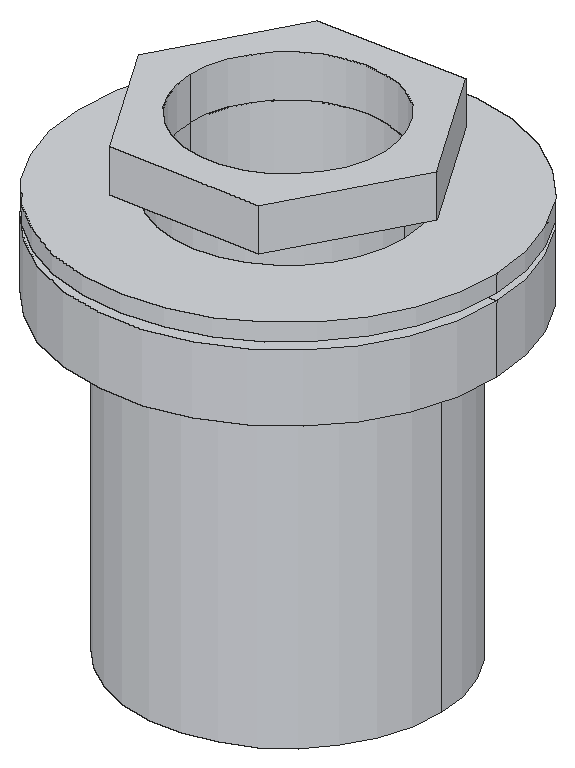
Revit family "CL20FC", category Generic Models, Revit 2017
Family settings
  Can host rebar = No
  Round Connector Dimension = Use Diameter
  Part Type = Normal
  Work Plane-Based = Yes
  Always vertical = No
  Cut with Voids When Loaded = No
  Shared = No
  Room Calculation Point = No
Parameters (values of type "NBS Standard Parameters")
  Weight = "0.0732Kg"
  WarrantyStartDate [instance] = "1900-12-31T23:59:59"
  WarrantyGuarantorParts = "n/a"
  WarrantyGuarantorLabor = "n/a"
  WarrantyDurationUnit = "1 year"
  WarrantyDurationParts = "n/a"
  WarrantyDurationLabor = "n/a"
  WarrantyDescription = "n/a"
  Version = "1"
  Uniclass2 = "Pr_65_70_11_20"
  TagNumber [instance] = "n/a"
  SustainabilityPerformance = "n/a"
  Size = "20mm"
  Shape = "Circular"
  SerialNumber [instance] = "n/a"
  Revision = "n/a"
  ReplacementCost = "n/a"
  ProductInformation = ""
  NominalWidth = 30 mm
  NominalLength = 30 mm
  NominalHeight = 35 mm
  Name = ""
  NBSTypeID = ""
  NBSReference = "90-55-10/460"
  NBSOfficeMasterTag = ""
  NBSNote = ""
  NBSDescription = "Conduit Fittings"
  NBSCertification = ""
  ModelReference = "CL20FC"
  ModelNumber = "n/a"
  Material = "Steel Body, Lead Washer and Brass Bush"
  ManufacturerURL = "www.metpro.co.uk"
  ManufacturerName = "Metpro Ltd"
  Keynote = "Compliant to LU standard 1-085"
  InstallationDate [instance] = "1900-12-31T23:59:59"
  IfcExportType = ""
  IfcExportAs = ""
  Grade = "n/a"
  Finish = "Galvanised"
  Features = "n/a"
  ExpectedLife = "n/a"
  DurationUnit = "year"
  Description = "CL20FC- 20mm Flange Coupler-Conlok"
  Default Elevation = 1219.2 mm
  Constituents = "n/a"
  Color = "n/a"
  CodePerformance = "n/a"
  Category = "n/a"
  BarCode [instance] = "n/a"
  BIMObjectName = "Metpro_metprolibrary_conduitfittings_metalcomponent_Steelaccessories"
  Author = "Metpro Limited"
  AssetType = ""
  AssetIdentifier [instance] = "n/a"
  AccessibilityPerformance = "n/a"
Reference planes
  plane 1 "Center (Front/Back)": y = 0
  plane 2: z = 0
  plane 3 "Center (Left/Right)": x = 0
Forms (mm)
  Revolve 1, solid
    sketch origin (10.708, -7.188, 0) x (1, 0, 0) y (0, 0, -1)
      loop
        line (-12.656, -17.18) -> (-5.156, -17.18) -> (-5.156, -11.68) -> (-8.656, -11.68)
        arc (-8.656, -11.68) -> (-9.364, -11.387) -> (-9.656, -10.68) r 1
        line (-9.656, -10.68) -> (-9.656, 14.32) -> (-12.656, 14.32) -> (-12.656, -17.18)
      axis (-22.156, -17.18) -> (-22.156, 14.32)
    angle from 0 to 360
  Extrusion 2, solid
    sketch origin (-11.449, -7.188, 17.18) x (0, -1, 0) y (1, 0, 0)
      loop
        circle (0, 0) r 17
      loop
        circle (0, 0) r 9.5
    from 0.623 to 2.023
  Extrusion 3, solid
    sketch origin (-11.449, -7.188, 17.18) x (0, -1, 0) y (1, 0, 0)
      loop
        circle (0, 0) r 9.5
      loop
        circle (0, 0) r 7.956
    from -4.85 to 4.239
  Extrusion 4, solid
    sketch origin (-11.449, -7.188, 21.419) x (0, -1, 0) y (1, 0, 0)
      loop
        line (-10.505, -6.065) -> (0, -12.13) -> (10.505, -6.065) -> (10.505, 6.065) -> (0, 12.13) -> (-10.505, 6.065) -> (-10.505, -6.065)
      loop
        circle (0, 0) r 7.956
    from 0 to 3.5
Dimensions and locks
  aligned and locked: level to plane 2
